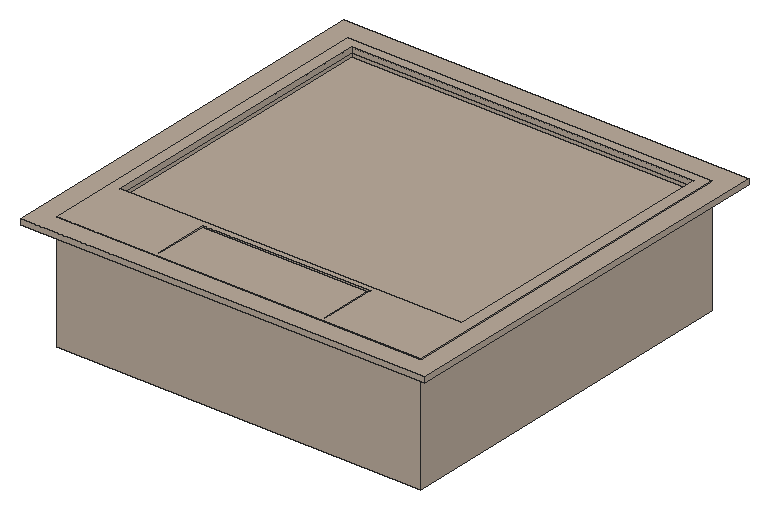
Revit family "Geräteeinsätze GES_Geräteeinsatz_GES4_mit_Rastschieber", category Generic Models, Revit 2015
Parameters (values of type "GES4-2U10T 1019")
  Width 2 = 200 mm
  Width = 222 mm
  URL = "http://www.obo-bettermann.com"
  Snur width = 90 mm
  Material = Plastic RAL 1019
  Manufacturer Art. No. = "7405147"
  Manufacturer = "OBO Bettermann"
  Inner cut2 = 17 mm
  Inner cut = 16 mm
  Height = 61 mm
  GTIN = "4012195890683"
  Article Type = "GES4-2U10T 1019"
Types (4, lengths in mm): name | Material | Manufacturer Art. No. | GTIN | Article Type
  (no name) | Plastic RAL 1019 | "7405147" | "4012195890683" | "GES4-2U10T 1019"
  GES4-2U10T 9011 | Plastic RAL 9011 | "7405146" | "4012195890676" | "GES42U10T 9011"
  GES4-2U10T 7011 | Plastic RAL 7011 | "7405145" | "4012195890645" | "GES4-2U10T 7011"
  GES4-2U10T 1019 | Plastic RAL 1019 | "7405147" | "4012195890683" | "GES4-2U10T 1019"
Reference planes
  plane 1 "Center (Front/Back)": y = 0
  plane 2: z = 0
  plane 3 "Center (Left/Right)": x = 0
  plane 4: z = -61
  plane 5: x = -111
  plane 6: x = 111
  plane 7: y = 111
  plane 8: y = -111
  plane 9: z = 3
  plane 10: y = 100
  plane 11: y = -100
  plane 12: x = -100
  plane 13: x = 100
  plane 14: y = -64
  plane 15: y = 95
  plane 16: x = -94
  plane 17: x = 94
  plane 18: z = -2
  plane 19: x = -79.5
  plane 20: x = 79.5
  plane 21: y = -83
  plane 22: y = 83
  plane 23: z = -9
  plane 24: x = -45
  plane 25: x = 45
  plane 26: y = -68.377
  plane 27: x = -46
  plane 28: y = -67
  plane 29: x = 46
  plane 30: y = -97
Forms (mm)
  Extrusion 1, solid, material "Plastic RAL 1019" <- "Material"
    sketch origin (0, 0, 0) x (1, 0, 0) y (0, 1, 0)
      loop
        line (-111, 111) -> (-111, -111) -> (111, -111) -> (111, 111) -> (-111, 111)
    from 3 to 0
  Extrusion 2, solid, material "Plastic RAL 1019" <- "Material"
    sketch origin (0, 0, 0) x (1, 0, 0) y (0, 1, 0)
      loop
        line (-100, 100) -> (-100, -100) -> (100, -100) -> (100, 100) -> (-100, 100)
    from -61 to 3
  Extrusion 3, void
    sketch origin (0, 0, 0) x (1, 0, 0) y (0, 1, 0)
      loop
        line (-94, 95) -> (-94, -64) -> (94, -64) -> (94, 95) -> (-94, 95)
    from -2 to 3
  Extrusion 4, void
    sketch origin (0, 0, 0) x (1, 0, 0) y (0, 1, 0)
      loop
        line (79.5, 83) -> (-79.5, 83) -> (-79.5, -83) -> (79.5, -83) -> (79.5, 83)
    from -61 to -9
  Extrusion 5, void
    sketch origin (0, 0, 0) x (1, 0, 0) y (0, 1, 0)
      loop
        line (-46, -67) -> (-46, -97) -> (-45, -97) -> (-45, -68.377) -> (45, -68.377) -> (45, -97) -> (46, -97) -> (46, -67) -> (-46, -67)
    from -9 to 3
Cuts and joins
  Extrusion 3, Extrusion 4, Extrusion 5 cuts Extrusion 1
  Extrusion 3, Extrusion 4, Extrusion 5 cuts Extrusion 2
Lines and regions (mm)
  model lines
    curve 1: line (-111, -111, 0) -> (-111, 111, 0)
    curve 2: line (-111, 111, 0) -> (111, 111, 0)
    curve 3: line (111, 111, 0) -> (111, -111, 0)
    curve 4: line (111, -111, 0) -> (-111, -111, 0)
    curve 5: line (-100, 100, 0) -> (100, 100, 0)
    curve 6: line (100, 100, 0) -> (100, -100, 0)
    curve 7: line (100, -100, 0) -> (-100, -100, 0)
    curve 8: line (-100, -100, 0) -> (-100, 100, 0)
    curve 9: line (-94, 95, 0) -> (94, 95, 0)
    curve 10: line (94, 95, 0) -> (94, -64, 0)
    curve 11: line (94, -64, 0) -> (-94, -64, 0)
    curve 12: line (-94, -64, 0) -> (-94, 95, 0)
    curve 13: line (-79.5, 83, 0) -> (-79.5, -83, 0)
    curve 14: line (-79.5, -83, 0) -> (79.5, -83, 0)
    curve 15: line (79.5, -83, 0) -> (79.5, 83, 0)
    curve 16: line (79.5, 83, 0) -> (-79.5, 83, 0)
    curve 17: line (-45, -97, 0) -> (-45, -68.377, 0)
    curve 18: line (-45, -68.377, 0) -> (45, -68.377, 0)
    curve 19: line (45, -68.377, 0) -> (45, -97, 0)
    curve 20: line (46, -97, 0) -> (46, -67, 0)
    curve 21: line (46, -67, 0) -> (-46, -67, 0)
    curve 22: line (-46, -67, 0) -> (-46, -97, 0)
    curve 23: line (-46, -97, 0) -> (-45, -97, 0)
    curve 24: line (45, -97, 0) -> (46, -97, 0)
Dimensions and locks
  "Height": plane 4 to level
  locked: level to plane 9 at 3
  locked: plane 18 to plane 9 at 5
  locked: plane 23 to plane 9 at 12
  equal spacing: plane 5, plane 3 "Center (Left/Right)", plane 6
  "Width": plane 5 to plane 6
  equal spacing: plane 7, plane 1 "Center (Front/Back)", plane 8
  "Width": plane 7 to plane 8
  equal spacing: plane 12, plane 3 "Center (Left/Right)", plane 13
  "Width 2": plane 12 to plane 13
  equal spacing: plane 10, plane 1 "Center (Front/Back)", plane 11
  "Width 2": plane 10 to plane 11
  locked: plane 12 to plane 19 at 20.5
  locked: plane 20 to plane 13 at 20.5
  "Inner cut2": plane 21 to plane 11
  "Inner cut2": plane 10 to plane 22
  "Inner cut": plane 7 to plane 15
  locked: plane 14 to plane 8 at 47
  "Inner cut2": plane 17 to plane 6
  "Inner cut2": plane 5 to plane 16
  "Snur width": plane 24 to plane 25
  equal spacing: plane 24, plane 3 "Center (Left/Right)", plane 25
  locked: plane 27 to plane 24 at 1
  locked: plane 25 to plane 29 at 1
  locked: plane 28 to plane 26 at 1.377
  plane 14 to plane 28 = 3 mm
  plane 28 to plane 30 = 30 mm
  aligned and locked: level to plane 2
  aligned and locked: plane 5 to curve 1
  aligned and locked: curve 2 to plane 7
  aligned and locked: curve 3 to plane 6
  aligned and locked: plane 8 to curve 4
  aligned and locked: Extrusion 1 sketch curve to curve 2
  aligned and locked: Extrusion 1 sketch curve to curve 3
  aligned and locked: Extrusion 1 sketch curve to curve 4
  aligned and locked: Extrusion 1 sketch curve to curve 1
  aligned and locked: Extrusion 1 to plane 9
  aligned and locked: level to Extrusion 1
  aligned and locked: curve 5 to plane 10
  aligned and locked: curve 6 to plane 13
  aligned and locked: plane 11 to curve 7
  aligned and locked: plane 12 to curve 8
  aligned and locked: Extrusion 2 sketch curve to curve 5
  aligned and locked: Extrusion 2 sketch curve to curve 8
  aligned and locked: Extrusion 2 sketch curve to curve 6
  aligned and locked: Extrusion 2 sketch curve to curve 7
  aligned and locked: Extrusion 2 to plane 4
  aligned and locked: plane 9 to Extrusion 2
  aligned and locked: curve 9 to plane 15
  aligned and locked: curve 10 to plane 17
  aligned and locked: plane 14 to curve 11
  aligned and locked: plane 16 to curve 12
  aligned and locked: Extrusion 3 sketch curve to curve 9
  aligned and locked: Extrusion 3 sketch curve to curve 10
  aligned and locked: Extrusion 3 sketch curve to curve 11
  aligned and locked: Extrusion 3 sketch curve to curve 12
  aligned and locked: Extrusion 3 to plane 18
  aligned and locked: plane 9 to Extrusion 3
  aligned and locked: curve 13 to plane 19
  aligned and locked: curve 14 to plane 21
  aligned and locked: plane 20 to curve 15
  aligned and locked: plane 22 to curve 16
  aligned and locked: Extrusion 4 sketch curve to curve 16
  aligned and locked: Extrusion 4 sketch curve to curve 13
  aligned and locked: Extrusion 4 sketch curve to curve 14
  aligned and locked: Extrusion 4 sketch curve to curve 15
  aligned and locked: Extrusion 4 to plane 4
  aligned and locked: plane 23 to Extrusion 4
  aligned and locked: curve 17 to plane 24
  aligned and locked: curve 18 to plane 26
  aligned and locked: curve 19 to plane 25
  aligned and locked: plane 29 to curve 20
  aligned and locked: curve 21 to plane 28
  aligned and locked: curve 22 to plane 27
  aligned and locked: curve 23 to plane 30
  aligned and locked: plane 30 to curve 24
  aligned and locked: Extrusion 5 sketch curve to curve 22
  aligned and locked: Extrusion 5 sketch curve to curve 17
  aligned and locked: Extrusion 5 sketch curve to curve 23
  aligned and locked: Extrusion 5 sketch curve to curve 18
  aligned and locked: Extrusion 5 sketch curve to curve 21
  aligned and locked: Extrusion 5 sketch curve to curve 19
  aligned and locked: Extrusion 5 sketch curve to curve 20
  aligned and locked: Extrusion 5 sketch curve to curve 24
  aligned and locked: Extrusion 5 to cut or joined group of Extrusion 2, Extrusion 3, Extrusion 4, Extrusion 5
  aligned and locked: plane 9 to Extrusion 5
Automatic sketch dimensions
  curve 14 to plane 19 = 0 mm
  Extrusion 5 sketch curve to plane 27 = 0 mm
